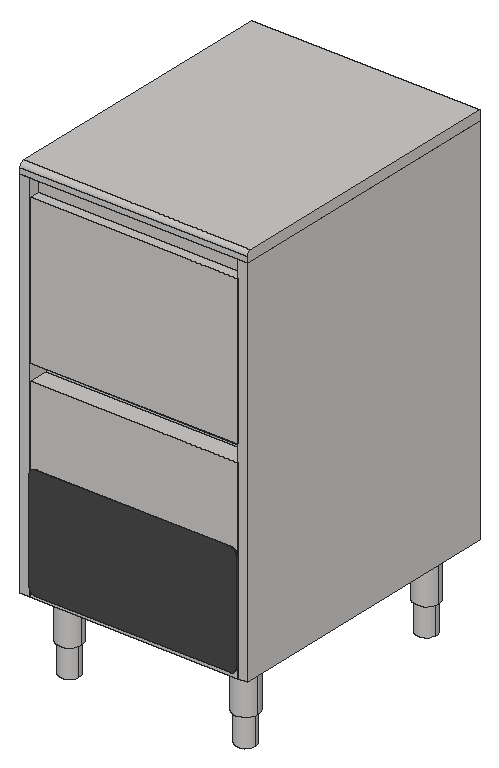
Revit family "QF_ZANUSSI_730332_ICC47I20SNP", category Attrezzature speciali, Revit 2018
Family settings
  Quota connettore circolare = Usa diametro
  Tipo di parte = Normale
  Basato su piano di lavoro = No
  Sempre verticale = Sì
  Taglio con vuoti quando caricato = No
  Condiviso = No
  Punto di calcolo locali = No
Parameters (values of type "Standard")
  Weight = 45.00 kg
  Watts = 0 W
  Volts = 220 V
  URL Manufacturer = "http://www.zanussiprofessional.com"
  URL = "http://www.zanussiprofessional.com"
  Steam Supply Size = 0 mm
  Steam Supply Minimum Pressure = 0.0 Pa
  Steam Supply Maximum Pressure = 0.0 Pa
  Steam Pounds per Hour = 0
  Show Logo [instance] = yes
  Show Clearance [instance] = yes
  Refrigeration Suction Line Size = 0 mm
  Refrigeration Liquid Line Size = 0 mm
  Refrigerant Compressor Remote = yes
  Produttore = "Zanussi"
  Phase = 1
  Modello = "ICC47I20SNP"
  Length Actual = 465 mm  # constant formula
  Item Number = "730332"
  Hot Water Size = 0 mm
  Height Actual = 894 mm  # constant formula
  HP = "0 HP"
  Gas Size = 0 mm
  Gas KW = 0
  Gas Input Pressure = 0 W
  Descrizione = "WATER COOLED ICE CUBER 40GR 47KG/24H-BIN 20KG"
  Depth Actual = 595 mm  # constant formula
  Cycle = 50 Hz
  Condensate Return Size = 0 mm
  Compressed Air Volume = 0.0 L/s
  Compressed Air Size = 0 mm
  Compressed Air Pressure = 0.0 Pa
  Cold Water Size = 19.05 mm
  Accessory = yes
Reference planes
  plane 1 "Center X": y = 272.851
  plane 2: z = 0
  plane 3 "Center Y": x = -501.5
  plane 4 "LEFT": x = -734
  plane 5 "RIGHT": x = -269
  plane 6 "FRONT": y = -24.149
  plane 7 "BACK": y = 569.851
  plane 8: z = 155
  plane 9: z = 944
  plane 10: z = 924
  plane 11: x = -714
  plane 12: x = -289
  plane 13: y = 15.851
Forms (mm)
  Extrusion 1, solid, material "QF_Finishes_Black"
    sketch origin (-217.296, -24.149, 371.513) x (-1, 0, 0) y (0, 0, -1)
      loop
        arc (481.704, -21.487) -> (492.311, -17.093) -> (496.704, -6.487) r 15
        line (496.704, -6.487) -> (496.704, 194.469)
        arc (496.704, 194.469) -> (492.311, 205.075) -> (481.704, 209.469) r 15
        line (481.704, 209.469) -> (86.704, 209.469)
        arc (86.704, 209.469) -> (76.097, 205.075) -> (71.704, 194.469) r 15
        line (71.704, 194.469) -> (71.704, -6.487)
        arc (71.704, -6.487) -> (76.097, -17.093) -> (86.704, -21.487) r 15
        line (86.704, -21.487) -> (481.704, -21.487)
    from 0 to 2
  Extrusion 2, solid, material "QF_Finishes_Stainless Steel"
    sketch origin (-501.5, 0, 0) x (0, 1, 0) y (0, 0, 1)
      loop
        line (569.851, 924) -> (569.851, 944) -> (-14.149, 944)
        arc (-14.149, 944) -> (-21.22, 941.071) -> (-24.149, 934) r 10
        line (-24.149, 934) -> (-24.149, 924) -> (569.851, 924)
    from -232.5 to 232.5
  Extrusion 3, solid, material "QF_Finishes_Stainless Steel"
    sketch origin (-321.2, 569.851, -329.545) x (1, 0, 0) y (0, 0, -1)
      loop
        circle (-16.8, -655.545) r 10
    from 0 to 10
  Extrusion 4, solid, material "QF_Finishes_Stainless Steel"
    sketch origin (0, 0, 0) x (1, 0, 0) y (0, 1, 0)
      loop
        line (-734, 569.851) -> (-734, -24.149) -> (-714, -24.149) -> (-714, 569.851) -> (-734, 569.851)
    from 155 to 924
  Extrusion 5, solid, material "QF_Finishes_Stainless Steel"
    sketch origin (0, 0, 0) x (1, 0, 0) y (0, 1, 0)
      loop
        line (-289, 569.851) -> (-289, -24.149) -> (-269, -24.149) -> (-269, 569.851) -> (-289, 569.851)
    from 155 to 924
  Extrusion 6, solid, material "QF_Finishes_Stainless Steel"
    sketch origin (0, 0, 0) x (1, 0, 0) y (0, 1, 0)
      loop
        line (-714, 569.851) -> (-714, 15.851) -> (-289, 15.851) -> (-289, 569.851) -> (-714, 569.851)
    from 155 to 924
  Extrusion 7, solid, material "QF_Finishes_Stainless Steel"
    sketch origin (0, 0, 0) x (1, 0, 0) y (0, 1, 0)
      loop
        line (-714, -24.149) -> (-289, -24.149) -> (-289, 15.851) -> (-714, 15.851) -> (-714, -24.149)
    from 155 to 550.848
  Extrusion 8, solid, material "QF_Finishes_Stainless Steel"
    sketch origin (-501.5, 0, 0) x (0, 1, 0) y (0, 0, 1)
      loop
        line (15.851, 924) -> (-4.149, 924) -> (-4.149, 888) -> (-24.149, 888) -> (-24.149, 584.768) -> (-4.149, 584.768) -> (-4.149, 569) -> (15.851, 569) -> (15.851, 924)
    from -212.5 to 212.5
  Extrusion 9, solid, material "QF_Finishes_Stainless Steel"
    sketch origin (-303.2, 569.851, -440.545) x (1, 0, 0) y (0, 0, -1)
      loop
        circle (-16.8, -655.545) r 10
    from 0 to 10
  Extrusion 10, solid, material "QF_Finishes_Stainless Steel"
    sketch origin (-363.2, 569.851, -361.545) x (1, 0, 0) y (0, 0, -1)
      loop
        circle (-16.8, -655.545) r 10
    from 0 to 10
Lines and regions (mm)
  Split face 1
    outline origin (-501.5, -4.149, 924) x (0, 0, -1) y (1, 0, 0)
      loop
        line (5.715, 89.928) -> (30.715, 89.928) -> (30.715, 129.928) -> (5.715, 129.928) -> (5.715, 89.928)
  symbolic lines
    curve 1: line (-734, 569.851, 0) -> (-269, 569.851, 0)
    curve 2: line (-734, -24.149, 0) -> (-734, 569.851, 0)
    curve 3: line (-269, -24.149, 0) -> (-734, -24.149, 0)
    curve 4: line (-269, 569.851, 0) -> (-269, -24.149, 0)
Dimensions and locks
  equal spacing: plane 4 "LEFT", plane 3 "Center Y", plane 5 "RIGHT"
  plane 4 "LEFT" to plane 5 "RIGHT" = 465 mm
  equal spacing: plane 7 "BACK", plane 1 "Center X", plane 6 "FRONT"
  plane 7 "BACK" to plane 6 "FRONT" = 594 mm
  plane 8 to plane 2 = 155 mm
  plane 9 to plane 8 = 789 mm
  locked: plane 4 "LEFT" to plane 11 at 20
  locked: plane 12 to plane 5 "RIGHT" at 20
  locked: plane 9 to plane 10 at 20
  locked: plane 13 to plane 6 "FRONT" at 40
  aligned and locked: level to plane 2
  aligned and locked: plane 5 "RIGHT" to Extrusion 2
  aligned and locked: Extrusion 2 to plane 4 "LEFT"
  aligned and locked: Extrusion 4 sketch curve to Extrusion 2  (x2)
  aligned and locked: plane 6 "FRONT" to Extrusion 4 sketch curve
  aligned and locked: Extrusion 4 sketch curve to plane 11
  aligned and locked: Extrusion 5 sketch curve to plane 7 "BACK"
  aligned and locked: plane 12 to Extrusion 5 sketch curve
  aligned and locked: Extrusion 5 sketch curve to Extrusion 2  (x2)
  aligned and locked: plane 10 to Extrusion 4
  aligned and locked: plane 10 to Extrusion 5
  aligned and locked: Extrusion 4 to plane 8
  aligned and locked: Extrusion 5 to plane 8
  aligned and locked: Extrusion 6 sketch curve to Extrusion 4
  aligned and locked: Extrusion 4 to Extrusion 6 sketch curve
  aligned and locked: plane 13 to Extrusion 6 sketch curve
  aligned and locked: Extrusion 6 sketch curve to plane 12
  aligned and locked: plane 10 to Extrusion 6
  aligned and locked: Extrusion 6 to plane 8
  aligned and locked: Extrusion 4 to Extrusion 7 sketch curve
  aligned and locked: Extrusion 7 sketch curve to Extrusion 4
  aligned and locked: plane 13 to Extrusion 7 sketch curve
  aligned and locked: plane 12 to Extrusion 7 sketch curve
  aligned and locked: Extrusion 7 to plane 8
  aligned and locked: plane 12 to Extrusion 8
  aligned and locked: Extrusion 8 to plane 11
Automatic sketch dimensions
  curve 3 to plane 4 "LEFT" = 0 mm
  curve 3 to plane 5 "RIGHT" = 0 mm
  curve 3 to plane 6 "FRONT" = 0 mm
  curve 2 to plane 7 "BACK" = 0 mm
  Extrusion 1 sketch curve to plane 12 = 0 mm
  plane 8 to Extrusion 1 sketch curve = 7.044 mm
  Extrusion 1 sketch curve to Extrusion 1 sketch curve = 15 mm  (x3)
  plane 11 to Extrusion 1 sketch curve = 15 mm  (x2)
  Extrusion 1 sketch curve to Extrusion 1 sketch curve = 200.956 mm
  Extrusion 2 sketch curve to plane 6 "FRONT" = 0 mm
  Extrusion 2 sketch curve to plane 9 = 0 mm
  Extrusion 2 sketch curve to plane 7 "BACK" = 0 mm
  Extrusion 2 sketch curve to plane 10 = 0 mm
  plane 6 "FRONT" to Extrusion 2 sketch curve = 10 mm
  Extrusion 6 to Extrusion 3 sketch curve = 171 mm
  Extrusion 3 sketch curve to Extrusion 6 = 49 mm
  Extrusion 8 sketch curve to plane 6 "FRONT" = 0 mm
  Extrusion 8 sketch curve to plane 10 = 0 mm
  Extrusion 8 sketch curve to plane 13 = 0 mm
  plane 6 "FRONT" to Extrusion 8 sketch curve = 20 mm  (x2)
  Extrusion 8 sketch curve to plane 10 = 36 mm
  Extrusion 8 sketch curve to Extrusion 8 sketch curve = 303.232 mm
  Extrusion 8 sketch curve to Extrusion 8 sketch curve = 15.768 mm
  Split face 1 sketch curve to Extrusion 8 = 5.715 mm
  Extrusion 8 to Split face 1 sketch curve = 5.285 mm
  Split face 1 sketch curve to Extrusion 8 = 122.572 mm
  Split face 1 sketch curve to Split face 1 sketch curve = 40 mm
  Extrusion 9 sketch curve to Extrusion 6 = 31 mm
  Extrusion 6 to Extrusion 9 sketch curve = 60 mm
  Extrusion 10 sketch curve to Extrusion 6 = 91 mm
  Extrusion 6 to Extrusion 10 sketch curve = 139 mm
  radius of Extrusion 3 sketch curve = 10 mm
  radius of Extrusion 9 sketch curve = 10 mm
  radius of Extrusion 10 sketch curve = 10 mm
Nested families
  nested 1: "Foot_Complete" at (-682, 36.851, 0), type "Foot_Complete"
    with H 155 mm
  nested 2: "Foot_Complete" at (-321, 36.851, 0) x (-1, 0, 0) z (0, 0, 1), type "Foot_Complete"
    with H 155 mm
  nested 3: "Foot_Complete" at (-682, 498.851, 0), type "Foot_Complete"
    with H 155 mm
  nested 4: "Foot_Complete" at (-321, 498.851, 0) x (-1, 0, 0) z (0, 0, 1), type "Foot_Complete"
    with H 155 mm
Connectors
  electrical at (-320, 579.851, 215), driven by "Volts"
    settings: on Extrusion 9, index 1, voltage 220 V, apparent load 0 VA, apparent load phase1 0 VA, apparent load phase2 0 VA, apparent load phase3 0 VA, power factor 1, load classification "Altro", number of poles 1, system type 30, power factor state 1, is connector primary yes, connector utility no, sub classification motor no, connector description "Electrical Connection"
  piping at (-338, 579.851, 326), diameter 20
    settings: on Extrusion 3, index 2, connector inside diameter 609.6 mm, connector length 0 mm, flow factor 0, pipe flow 0.0 L/s, pressure drop 0.0 Pa, fitting loss kfactor 0, connector angle 0.00°, fixture units 0, engagement length 0 mm, angle of deflection 0.00°, flow configuration 0, flow direction 0, fitting loss method 0, system type 20, joint type 0, gender type 0, connector reference index -1, connector utility 0, adjustable connector no, is connector primary yes, connector description "Cold water"
  piping at (-380, 579.851, 294), diameter 20
    settings: on Extrusion 10, index 3, connector inside diameter 609.6 mm, connector length 0 mm, flow factor 0, pipe flow 0.0 L/s, pressure drop 0.0 Pa, fitting loss kfactor 0, connector angle 0.00°, fixture units 0, engagement length 0 mm, angle of deflection 0.00°, flow configuration 0, flow direction 0, fitting loss method 0, system type 16, joint type 0, gender type 0, connector reference index -1, connector utility 0, adjustable connector no, is connector primary no, connector description "Drain"
Definition of nested family "Foot_Complete"
  Parameters (values of type "Foot_Complete")
    R = 25 mm
    H = 153 mm
  Reference planes
    plane 1 "Centro (Fronte/Retro)": y = 0
    plane 2: z = 0
    plane 3 "Centro (Sinistra/Destra)": x = 0
    plane 4: z = 153
  Forms (mm)
    Revolve 1, solid
      sketch origin (255.05, 0, 608.09) x (0, 0, 1) y (-1, 0, 0)
        loop
          line (-608.09, 255.05) -> (-608.09, 235.05) -> (-548.09, 235.05) -> (-548.09, 230.05) -> (-455.09, 230.05) -> (-455.09, 255.05) -> (-608.09, 255.05)
        axis (-608.09, 255.05) -> (-455.09, 255.05)
      angle from 0 to 360
  Dimensions and locks
    level to Revolve 1 sketch curve = 60 mm
    "R": Revolve 1 sketch curve to plane 3 "Centro (Sinistra/Destra)"
    "H": plane 4 to level
    aligned and locked: level to plane 2
    aligned and locked: plane 4 to Revolve 1 sketch curve
    aligned and locked: Revolve 1 sketch curve to level
    aligned and locked: plane 3 "Centro (Sinistra/Destra)" to Revolve 1 sketch curve
  Automatic sketch dimensions
    Revolve 1 sketch curve to plane 3 "Centro (Sinistra/Destra)" = 0 mm
    plane 3 "Centro (Sinistra/Destra)" to Revolve 1 sketch curve = 20 mm
    Revolve 1 sketch curve to Revolve 1 sketch curve = 50 mm
    Revolve 1 sketch curve to Revolve 1 sketch curve = 20 mm
